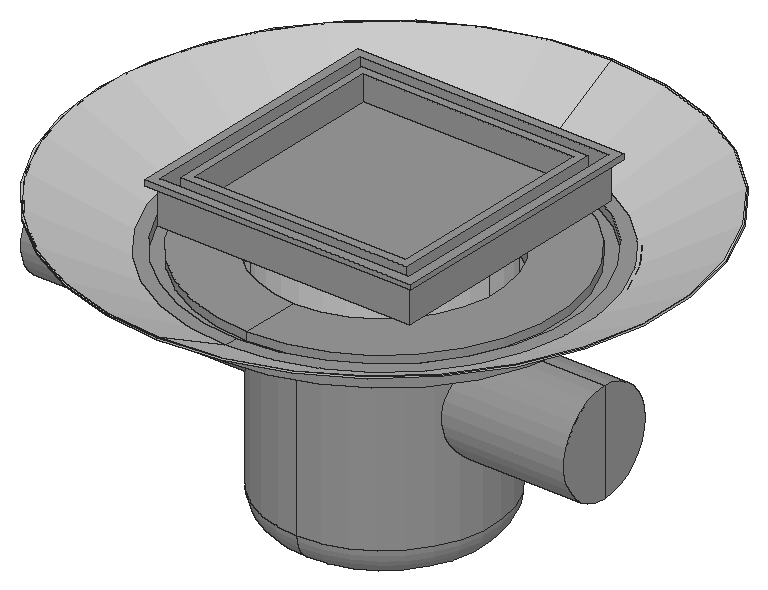
Revit family "HL_RU_Floor drain_HL300-3020-A-160411", category Instalační zařizovací předměty, Revit 2021
Family settings
  Kóta kulaté spojky = Použít průměr
  Typ dílu = Normální
  Číslo OmniClass = 23.70.50.21.24.14
  Nadpis OmniClass = Deck Waste Water Drains
  Založené na pracovní rovině = Ne
  Vždy vertikální = Ano
  Ořezat dutým tvarem při načtení = Ne
  Sdílené = Ano
  Bod výpočtu místnosti = Ano
Parameters (values of type "HL300-3020")
  РЕШЁТКА = "10 - 80 mm / 132 x 132 mm / PP-V4A"
  РАЗМЕР = "DN50"
  ПРОПУСКНАЯ СПОСОБНОСТЬ = 0.5 L/s
  ПРОИЗВОДИТЕЛЬНОСТЬ = "0,5 l/sec"
  ПРИЁМНОЕ ОТВЕРСТИЕ = "DN40/50"
  ПРАВОВАЯ ИНФОРМАЦИЯ = "Авторские права(©), права на дизайн или какие либо другие права интелектуальной собственности являются исключительной собственностью компании HL Hutterer & Lechner. Изменению не подлежит. Файл семейства с данными о прозводителе изделия защищен паролем с водяным знаком."  # constant formula
  НОРМЫ = ""
  НОМИНАЛЬНЫЙ ДИАМЕТР ПРИТОКА [instance] = 40 mm
  НОМИНАЛЬНЫЙ ДИАМЕТР = 50 mm
  НАСАДКА = "112 x 112 mm / ABS-V4A"
  МАТЕРИАЛ = "PE"
  МАКСИМАЛЬНАЯ НАГРУЗКА КЛАССА = "K3 - 300 kg"
  ВЫСОТА МОНТАЖА = "155 mm"
  ВЕС = "0,85 [kg]"
  Výchozí výška = 0 mm
  Přípoj ventilace = no
  Výrobce = "HL Hutterer & Lechner GmbH"  # constant formula
  URL = "http://www.hutterer-lechner.com/ru/products/catalog/floor-drains/attachments/HL300-3020.aspx"
  Přípoj odpadních dílů = yes
  Přípoj HW = no
  Popis = "Трапы для внутренних помещений"
  Model = "HL300-3020"
  Komentáře k typům = "HL300-3020 Трап для внутренний помещений с гидрозатвором и обратным клапаном, горизонтальный DN50, с дополнительным входом DN40/50, с надставным элементом для вклеивания керамической плитки 132х132/112х112 мм"
  Keynote = "HL300-3020"
  Высота монтажа [instance] = 155 mm
  IN_Test [instance] = if(НОМИНАЛЬНЫЙ ДИАМЕТР ПРИТОКА = 40 mm, 30 mm, if(НОМИНАЛЬНЫЙ ДИАМЕТР ПРИТОКА = 50 mm, 30 mm, 0 mm))  # 30 mm
  Přípoj CW = no
  EAN = "9003076034345"
  C [instance] = if(НОМИНАЛЬНЫЙ ДИАМЕТР ПРИТОКА = 40 mm, 164 mm, 114 mm)  # 164 mm
  B [instance] = Высота монтажа - 71 mm  # 84 mm
  A [instance] = if(B - 100 mm > 15 mm, B - 100 mm, 15 mm)  # 15 mm
Reference planes
  plane 1 "Center (Front/Back)": y = 0
  plane 2: z = 0
  plane 3 "Center (Left/Right)": x = 0
  plane 4 "Ball Joint Vertical": x = 25.45
  plane 5: z = -155
  plane 6: z = -84
Lines and regions (mm)
  model lines, style "InvisibleLines"
    curve 1: line (0, 0, 0) -> (0, 0, 1000)
  reference lines
    curve 2: line (0, 0, -84) -> (109, 0, -84)
    curve 6: line (0, 0, -84) -> (-164, 0, -84)
  model lines, detail levels coarse+medium
    curve 3: line (0, 0, -84) -> (0, 0, -69)
    curve 4: line (0, 0, -69) -> (69, 0, 0)
    curve 5: line (0, 0, -69) -> (-69, 0, 0)
    curve 8: line (-164, 0, -84) -> (109, 0, -84)
  symbolic lines, style "InvisibleLines", not visible
    curve 7: line (0, 0, 0) -> (0, 0, -30)
  symbolic lines, detail levels coarse+medium
    curve 9: line (75, 75, 0) -> (-75, 75, 0)
    curve 10: line (75, -75, 0) -> (75, 75, 0)
    curve 11: line (-75, -75, 0) -> (75, -75, 0)
    curve 12: line (-75, 75, 0) -> (-75, -75, 0)
    curve 13: line (75, 75, 0) -> (145.711, 145.711, 0)
    curve 14: line (-75, 75, 0) -> (-145.711, 145.711, 0)
    curve 15: line (75, -75, 0) -> (145.711, -145.711, 0)
    curve 16: line (-75, -75, 0) -> (-145.711, -145.711, 0)
  symbolic lines, not visible, detail levels coarse+medium
    curve 17: line (238.727, 373.786, 0) -> (88.727, 373.786, 0)
    curve 18: line (238.727, 223.786, 0) -> (238.727, 373.786, 0)
    curve 19: line (88.727, 223.786, 0) -> (238.727, 223.786, 0)
    curve 20: line (88.727, 373.786, 0) -> (88.727, 223.786, 0)
    curve 21: line (238.727, 373.786, 0) -> (309.437, 444.496, 0)
    curve 22: line (88.727, 373.786, 0) -> (18.016, 444.496, 0)
    curve 23: line (238.727, 223.786, 0) -> (309.437, 153.075, 0)
    curve 24: line (88.727, 223.786, 0) -> (18.016, 153.075, 0)
Text (mm)
  text "ПОЛ" at (-198.233, 0, -26.556), in view "Drain Construction View"
Dimensions and locks
  locked: plane 4 "Ball Joint Vertical" to plane 3 "Center (Left/Right)" at 25.45
  "Высота монтажа": plane 2 to plane 5
  "A": curve 5 to plane 6
  "B": curve 5 to plane 6
  "B": curve 4 to plane 6
  "B": plane 2 to plane 6
  "IN_Test": curve 7 to curve 7
  "C": curve 6 to curve 6
  locked: curve 8 to curve 6
  locked: curve 8 to curve 2
  locked: nested 2 to plane 5 at 141.029
  locked: curve 4 to plane 3 "Center (Left/Right)" (angle 45.00°)
  locked: plane 3 "Center (Left/Right)" to curve 5 (angle 45.00°)
  aligned and locked: level to plane 2
  aligned and locked: plane 2 to curve 1
  aligned and locked: plane 3 "Center (Left/Right)" to curve 1
  aligned and locked: plane 3 "Center (Left/Right)" to curve 2
  aligned and locked: plane 3 "Center (Left/Right)" to curve 3
  aligned and locked: plane 3 "Center (Left/Right)" to curve 5
  aligned and locked: plane 2 to nested 1
Automatic sketch dimensions
  curve 1 to curve 1 = 1000 mm
  curve 2 to plane 6 = 0 mm
  plane 4 "Ball Joint Vertical" to curve 2 = 83.55 mm
Nested families
  nested 1: "HL_Насадка_HL3020" at (0, 0, 0), type "HL3020_Main Component"
    with Высота монтажа 30 mm, RN 2, RL 13 mm, R no, NL_Test yes, NL 50 mm
  nested 2: "HL_Корпус для трапа внутренних помещений_HL300K-3020" at (0, 0, -13.971) x (-1, 0, 0) z (0, 0, 1), НОМИНАЛЬНЫЙ ДИАМЕТР ПРИТОКА <- "НОМИНАЛЬНЫЙ ДИАМЕТР ПРИТОКА", type "HL300K-3020_Main Component"
    with НОМИНАЛЬНЫЙ ДИАМЕТР ПРИТОКА 40 mm, A 0 mm
  nested 3: "HL_Вкладыш сифона_HL0300.6E" at (0, 0, -47.306), type "HL0300.6E_Main Component"
Connectors
  piping at (109, 0, -84), diameter 50, driven by "ПРОПУСКНАЯ СПОСОБНОСТЬ", driven by "НОМИНАЛЬНЫЙ ДИАМЕТР"
    settings: on curve 2, index 1, connector inside diameter 609.6 mm, connector length 0 mm, flow factor 0, pipe flow 0.5 L/s, pressure drop 0.0 Pa, fitting loss kfactor 0, connector angle 0.00°, fixture units 0, engagement length 0 mm, angle of deflection 0.00°, flow configuration 1, flow direction 2, fitting loss method 0, system type 16, joint type 0, gender type 0, connector reference index -1, connector utility 0, adjustable connector yes, is connector primary yes, connector description ""
  piping at (-164, 0, -84), diameter 40, driven by "ПРОПУСКНАЯ СПОСОБНОСТЬ", driven by "НОМИНАЛЬНЫЙ ДИАМЕТР ПРИТОКА"
    settings: on curve 6, index 2, connector inside diameter 609.6 mm, connector length 0 mm, flow factor 1, pipe flow 0.5 L/s, pressure drop 0.0 Pa, fitting loss kfactor 0, connector angle 0.00°, fixture units 0, engagement length 0 mm, angle of deflection 0.00°, flow configuration 2, flow direction 1, fitting loss method 0, system type 16, joint type 0, gender type 0, connector reference index -1, connector utility 0, adjustable connector yes, is connector primary no, connector description ""
Definition of nested family "HL_Насадка_HL3020"
  Parameters
    РЕШЁТКА = "112 x 112 mm / ABS-V4A"
    РАЗМЕР = "d 110 mm"
    ПРАВОВАЯ ИНФОРМАЦИЯ = "Авторские права(©), права на дизайн или какие либо другие права интелектуальной собственности являются исключительной собственностью компании HL Hutterer & Lechner. Изменению не подлежит. Файл семейства с данными о прозводителе изделия защищен паролем с водяным знаком."  # constant formula
    НАСАДКА = "132 x 132 mm / PP-V4A"
    МАКСИМАЛЬНАЯ НАГРУЗКА КЛАССА = "K3 - 300 kg"
    Высота монтажа [instance] = 100 mm
    ВЫСОТА МОНТАЖА = "30 - 100 mm (10-80 mm)"
    ВЕС = "0,32 [kg]"
    Waste Connection = yes
    Default Elevation = 0 mm
    Vent Connection = no
    RD = 6.5 mm  # constant formula
    R [instance] = ((Высота монтажа - NL_Min) / RD - 1) > 2  # yes
    RL [instance] = RD * RN  # 84.5 mm
    NL_Test [instance] = and(or(Высота монтажа < NL_Max, Высота монтажа = NL_Max), or(Высота монтажа > NL_Min, Высота монтажа = NL_Min))  # yes
    NL_Min = 30 mm
    NL_Max = 100 mm
    NL [instance] = if(NL_Test, Высота монтажа + 20 mm, 0 mm)  # 120 mm
    RN [instance] = if((Высота монтажа + 20 mm - NL_Min) / RD - 1 < 2, 2, (Высота монтажа + 20 mm - NL_Min) / RD - 1)  # 13
    Manufacturer = "HL Hutterer & Lechner GmbH"  # constant formula
    URL = "http://www.hutterer-lechner.com/ru/products/catalog/floor-drains/attachments/HL3020.aspx"
    HW Connection = no
    Description = "Трапы для внутренних помещений - Комплектующие"
    Model = "HL3020"
    Type Comments = "HL3020 Надставной элемент ?110 мм с подрамником из нержавеющей стали 132х132 мм и вкладышем 112х112 мм для вклеивания керамической плитки"
    Keynote = "HL3020"
    EAN = "9003076034253"
    CW Connection = no
  Reference planes
    plane 1 "Center (Front/Back)": y = 0
    plane 2: z = 0
    plane 3 "Center (Left/Right)": x = 0
    plane 4 "Ball Joint Vertical": x = 25.45
    plane 5: z = -120
  Forms (mm)
    Sweep 1, solid, detail levels fine
      path origin (0, 0, 0) x (1, 0, 0) y (0, 1, 0)
        loop
          line (-66, 66) -> (-66, -66) -> (66, -66) -> (66, 66) -> (-66, 66)
      profile origin (0, 66, 0) x (0, 1, 0) y (0, 0, 1)
        loop
          line (0, 0) -> (-4.35, 0) -> (-4.35, -20.7) -> (-3.55, -20.7) -> (-3.55, -2.5) -> (0, -2.5) -> (0, 0)
        loop
          line (-10, 0) -> (-14, 0) -> (-14, -14) -> (-10, -14) -> (-10, 0)
    Extrusion 2, solid, detail levels fine
      sketch origin (0, 0, 0) x (1, 0, 0) y (0, 1, 0)
        loop
          line (-56, 56) -> (-56, -56) -> (56, -56) -> (56, 56) -> (-56, 56)
      from -12 to -14
    Extrusion 3, solid, detail levels fine
      sketch origin (0, 0, 0) x (1, 0, 0) y (0, 1, 0)
        loop
          line (-61.75, 61.75) -> (-61.75, -61.75) -> (61.75, -61.75) -> (61.75, 61.75) -> (-61.75, 61.75)
      from -20.7 to -19.079
    Revolve 4, solid, detail levels fine
      sketch origin (0, 0, 0) x (1, 0, 0) y (0, 0, 1)
        loop
          line (52, -120) -> (52, -20.7) -> (50.2, -20.7) -> (50.2, -120) -> (52, -120)
        axis (0, -20.7) -> (0, -120)
      angle from 0 to 360
  Lines and regions (mm)
    symbolic lines
      curve 1: line (0, 0, -120) -> (0, 0, 0)
    model lines
      curve 2: line (0, 0, 0) -> (0, 0, 100)
  Text (mm)
    text "ROOF/FLOOR" at (-198.233, 0, -26.556), in view "Drain Construction View"
  Dimensions and locks
    locked: plane 4 "Ball Joint Vertical" to plane 3 "Center (Left/Right)" at 25.45
    "NL": plane 2 to plane 5
    equal spacing: group 1, group 3, group 4, group 5, group 6, group 7, group 8, group 9, group 10, group 11, group 12, group 13, group 2  (x3)
    "RL": nested 2 to nested 1
    locked: nested 1 to plane 5 at 1.516
    aligned and locked: level to plane 2
    aligned and locked: plane 3 "Center (Left/Right)" to nested 1
    aligned and locked: plane 1 "Center (Front/Back)" to nested 1
    aligned and locked: plane 2 to curve 1
    aligned and locked: plane 5 to curve 1
    aligned and locked: Sweep 1 to Revolve 4 sketch curve
    aligned and locked: plane 5 to Revolve 4 sketch curve
  Automatic sketch dimensions
    Sweep 1 sketch curve to plane 3 "Center (Left/Right)" = 66 mm
    plane 4 "Ball Joint Vertical" to Sweep 1 sketch curve = 40.55 mm
    plane 1 "Center (Front/Back)" to Sweep 1 sketch curve = 66 mm
    Sweep 1 sketch curve to plane 1 "Center (Front/Back)" = 66 mm
    Sweep 1 sketch curve to profile plane = 0 mm  (x3)
    profile plane to Sweep 1 sketch curve = 3.55 mm
    Sweep 1 sketch curve to Sweep 1 sketch curve = 0.8 mm
    Sweep 1 sketch curve to Sweep 1 sketch curve = 5.65 mm
    Sweep 1 sketch curve to Sweep 1 sketch curve = 4 mm
    Sweep 1 sketch curve to profile plane = 2.5 mm
    Sweep 1 sketch curve to Sweep 1 sketch curve = 11.5 mm
    Sweep 1 sketch curve to Sweep 1 sketch curve = 6.7 mm
    Extrusion 2 sketch curve to plane 3 "Center (Left/Right)" = 56 mm
    plane 4 "Ball Joint Vertical" to Extrusion 2 sketch curve = 30.55 mm
    plane 1 "Center (Front/Back)" to Extrusion 2 sketch curve = 56 mm
    Extrusion 2 sketch curve to plane 1 "Center (Front/Back)" = 56 mm
    Extrusion 3 sketch curve to plane 3 "Center (Left/Right)" = 61.75 mm
    plane 4 "Ball Joint Vertical" to Extrusion 3 sketch curve = 36.3 mm
    plane 1 "Center (Front/Back)" to Extrusion 3 sketch curve = 61.75 mm
    Extrusion 3 sketch curve to plane 1 "Center (Front/Back)" = 61.75 mm
    Revolve 4 sketch curve to plane 3 "Center (Left/Right)" = 0 mm
    plane 4 "Ball Joint Vertical" to Revolve 4 sketch curve = 24.75 mm
    Revolve 4 sketch curve to Revolve 4 sketch curve = 1.8 mm
    Revolve 4 sketch curve to level = 22.222 mm
    level to Revolve 4 sketch curve = 10 mm
    curve 2 to plane 3 "Center (Left/Right)" = 0 mm
    level to curve 2 = 100 mm
  Nested families
    nested 1: "Ring" at (0, 0, -118.484), visible <- "R", type "Ring"
      with R 52 mm, D 104 mm
    nested 2: "Ring" at (0, 0, -33.984), visible <- "R", type "Ring"
      with R 52 mm, D 104 mm
    nested 3: "Ring" at (0, 0, -111.442), visible <- "R", type "Ring"
      with R 52 mm, D 104 mm
    nested 4: "Ring" at (0, 0, -104.401), visible <- "R", type "Ring"
      with R 52 mm, D 104 mm
    nested 5: "Ring" at (0, 0, -97.359), visible <- "R", type "Ring"
      with R 52 mm, D 104 mm
    nested 6: "Ring" at (0, 0, -90.317), visible <- "R", type "Ring"
      with R 52 mm, D 104 mm
    nested 7: "Ring" at (0, 0, -83.276), visible <- "R", type "Ring"
      with R 52 mm, D 104 mm
    nested 8: "Ring" at (0, 0, -76.234), visible <- "R", type "Ring"
      with R 52 mm, D 104 mm
    nested 9: "Ring" at (0, 0, -69.192), visible <- "R", type "Ring"
      with R 52 mm, D 104 mm
    nested 10: "Ring" at (0, 0, -62.151), visible <- "R", type "Ring"
      with R 52 mm, D 104 mm
    nested 11: "Ring" at (0, 0, -55.109), visible <- "R", type "Ring"
      with R 52 mm, D 104 mm
    nested 12: "Ring" at (0, 0, -48.067), visible <- "R", type "Ring"
      with R 52 mm, D 104 mm
    nested 13: "Ring" at (0, 0, -41.026), visible <- "R", type "Ring"
      with R 52 mm, D 104 mm
  Definition of nested family "Ring"
    Parameters (values of type "Ring")
      Manufacturer = ""
      Default Elevation = 0 mm
      URL = ""
      R = D / 2  # 51.5 mm
      Description = ""
      Model = ""
      Material = none
      Type Comments = ""
      D = 103 mm
      Cost = 0
    Reference planes
      plane 1 "Střed (vpředu/vzadu)": y = 0
      plane 2: z = 0
      plane 3 "Střed (vlevo/vpravo)": x = 0
    Forms (mm)
      Revolve 1, solid, material <- "Material", detail levels fine
        sketch origin (0, 0, 0) x (1, 0, 0) y (0, 0, 1)
          loop
            line (-51.5, 1.482) -> (-54.764, 0) -> (-51.5, -1.516) -> (-51.5, 1.482)
          axis (0, 1.482) -> (0, -1.516)
        angle from 0 to 360
    Dimensions and locks
      "R": Revolve 1 sketch curve to plane 3 "Střed (vlevo/vpravo)"
      aligned and locked: level to plane 2
      aligned and locked: Revolve 1 sketch curve to plane 3 "Střed (vlevo/vpravo)"
    Automatic sketch dimensions
      Revolve 1 sketch curve to level = 0 mm
      Revolve 1 sketch curve to Revolve 1 sketch curve = 3.264 mm
      Revolve 1 sketch curve to level = 1.516 mm
      level to Revolve 1 sketch curve = 1.482 mm
      Revolve 1 sketch curve to level = 381 mm
      Revolve 1 sketch curve to Revolve 1 sketch curve = 2212.833 mm
Definition of nested family "HL_Корпус для трапа внутренних помещений_HL300K-3020"
  Parameters (values of type "HL300K-3020")
    РАЗМЕР = "DN50"
    ПРИЁМНОЕ ОТВЕРСТИЕ = "DN40/50"
    ПРАВОВАЯ ИНФОРМАЦИЯ = "Авторские права(©), права на дизайн или какие либо другие права интелектуальной собственности являются исключительной собственностью компании HL Hutterer & Lechner. Изменению не подлежит. Файл семейства с данными о прозводителе изделия защищен паролем с водяным знаком."  # constant formula
    НОМИНАЛЬНЫЙ ДИАМЕТР ПРИТОКА [instance] = 40 mm
    МАТЕРИАЛ = "PE"
    ВЫСОТА МОНТАЖА = "145 mm"
    ВЕС = "0,47 [kg]"
    Waste Connection = yes
    Default Elevation = 0 mm
    Vent Connection = no
    Manufacturer = "HL Hutterer & Lechner GmbH"  # constant formula
    URL = "http://www.hutterer-lechner.com/ru/Products/catalog/floor-drains/attachments/HL300K-3020.aspx"
    HW Connection = no
    Description = "Трапы для внутренних помещений - Комплектующие"
    Model = "HL300K-3020"
    Type Comments = "HL300K-3020 Корпус трапа с гидрозатвором и обратным клапаном, с горизонтальным выпуском DN50, с дополнительным входом DN40/50, для серии 3020."
    Keynote = "HL300K-3020"
    EAN = "9003076034338"
    CW Connection = no
    A [instance] = if(НОМИНАЛЬНЫЙ ДИАМЕТР ПРИТОКА = 40 mm, 0 mm, if(НОМИНАЛЬНЫЙ ДИАМЕТР ПРИТОКА = 50 mm, 50 mm, -10 mm))  # 0 mm
  Reference planes
    plane 1 "Center (Front/Back)": y = 0
    plane 2: z = 0
    plane 3 "Center (Left/Right)": x = 0
    plane 4 "Ball Joint Vertical": x = 25.45
  Forms (mm)
    Revolve 1, solid, detail levels fine
      sketch origin (0, 0, 0) x (0, 1, 0) y (0, 0, 1)
        loop
          line (100, -28) -> (100, -22) -> (91.514, -22) -> (91.514, -26) -> (85.014, -26) -> (85.014, -22) -> (56.014, -22) -> (56.014, -36.411) -> (42.014, -36.411) -> (42.014, -32.836) -> (40.014, -32.836) -> (40.014, -44.336) -> (35.514, -44.336) -> (35.514, -46.336) -> (43.014, -46.336) -> (43.014, -38.776) -> (51, -38.776) -> (51, -44.336) -> (51, -125.988)
          arc (51, -125.988) -> (47.485, -134.473) -> (39, -137.988) r 12
          line (39, -137.988) -> (0, -137.988) -> (0, -140.988) -> (39, -140.988)
          arc (39, -140.988) -> (49.607, -136.595) -> (54, -125.988) r 15
          line (54, -125.988) -> (54, -47.988) -> (63.5, -47.988) -> (63.5, -28) -> (100, -28)
        axis (0, -22) -> (0, -140.988)
      angle from 0 to 360
    Revolve 2, void
      sketch origin (0, 0, 0) x (0, 1, 0) y (0, 0, 1)
        loop
          line (141, 0.439) -> (141, -0.938) -> (142.5, -0.938) -> (142.5, 0.439) -> (141, 0.439)
        axis (0, 0.439) -> (0, -0.938)
      angle from 0 to 360
    Revolve 3, solid, detail levels fine
      sketch origin (0, 0, 0) x (1, 0, 0) y (0, 0, 1)
        loop
          line (164, -49.988) -> (119, -49.988) -> (114, -44.988) -> (-109, -44.988) -> (-109, -69.988) -> (164, -69.988) -> (164, -49.988)
        axis (-109, -69.988) -> (164, -69.988)
      angle from 0 to 360
    Extrusion 4, void
      sketch origin (0, 0, 0) x (0, 1, 0) y (0, 0, 1)
        loop
          circle (0, -69.988) r 22
      from -45.446 to -54.704
    Extrusion 5, void
      sketch origin (0, 0, 0) x (1, 0, 0) y (0, 1, 0)
        loop
          circle (0, 0) r 51
      from -44.336 to -95.4
    Extrusion 6, void
      sketch origin (0, 0, 0) x (0, 1, 0) y (0, 0, 1)
        loop
          circle (0, -69.988) r 22
      from 41.774 to 70.911
    Revolve 7, solid, detail levels fine
      sketch origin (0, 0, 0) x (0, 1, 0) y (0, 0, 1)
        loop
          line (142.408, 0) -> (140.394, 0) -> (97.986, -22) -> (100, -22) -> (142.408, 0)
        axis (0, 0) -> (0, -22)
      angle from 0 to 360
    Extrusion 8, void
      sketch origin (164, 0, -69.988) x (0, -1, 0) y (0, 0, 1)
        loop
          line (-40.014, 37.152) -> (-40.014, -37.848) -> (39.986, -37.848) -> (39.986, 37.152) -> (-40.014, 37.152)
      from -10 to 0 <- "A"
  Cuts and joins
    Revolve 2, Extrusion 4, Extrusion 6 cuts Revolve 1
    Extrusion 4, Extrusion 5, Extrusion 6, Extrusion 8 cuts Revolve 3
    joined: Revolve 1, Revolve 3
    Revolve 2 cuts Revolve 7
  Text (mm)
    text "ROOF/FLOOR" at (-198.233, 0, -26.556), in view "Drain Construction View"
  Dimensions and locks
    locked: plane 4 "Ball Joint Vertical" to plane 3 "Center (Left/Right)" at 25.45
    aligned and locked: level to plane 2
Definition of nested family "HL_Вкладыш сифона_HL0300.6E"
  Parameters (values of type "HL0300.6E")
    ПРАВОВАЯ ИНФОРМАЦИЯ = "Авторские права(©), права на дизайн или какие либо другие права интелектуальной собственности являются исключительной собственностью компании HL Hutterer & Lechner. Изменению не подлежит. Файл семейства с данными о прозводителе изделия защищен паролем с водяным знаком."  # constant formula
    ВЕС = "0,06 [kg]"
    Waste Connection = no
    Default Elevation = 0 mm
    Vent Connection = no
    Manufacturer = "HL Hutterer & Lechner GmbH"  # constant formula
    URL = "http://www.hutterer-lechner.com/ru/products/catalog/floor-drains/attachments/HL0300.6e.aspx"
    HW Connection = no
    Description = "Трапы для внутренних помещений - Комплектующие"
    Model = "HL0300.6E"
    Type Comments = "HL0300.6E Вкладыш запахозапирающий комплектный"
    Keynote = "HL0300.6E"
    EAN = "9003076001224"
    CW Connection = no
  Reference planes
    plane 1 "Center (Front/Back)": y = 0
    plane 2: z = 0
    plane 3 "Center (Left/Right)": x = 0
    plane 4 "Ball Joint Vertical": x = 25.45
  Forms (mm)
    Revolve 1, solid, detail levels fine
      sketch origin (0, 0, 0) x (0, 1, 0) y (0, 0, 1)
        loop
          line (34.779, -11) -> (32.485, -11) -> (32.485, -90) -> (34.779, -90) -> (34.779, -11)
        axis (0, -11) -> (0, -90)
      angle from 0 to 360
    Revolve 2, solid, detail levels fine
      sketch origin (0, 0, 0) x (0, 1, 0) y (0, 0, 1)
        loop
          line (38.4, 0) -> (22.7, -0.841) -> (22.7, -3.345) -> (34, -2.729) -> (34, -7) -> (32.485, -7) -> (32.485, -11) -> (38.4, -11) -> (38.4, 0)
        axis (0, 0) -> (0, -11)
      angle from 0 to 360
    Revolve 3, solid, detail levels fine
      sketch origin (0, 0, 0) x (0, 1, 0) y (0, 0, 1)
        loop
          line (22.9, -67) -> (24.48, -67) -> (24.48, -45.01)
          arc (24.48, -45.01) -> (17.215, -28.215) -> (0, -22.01) r 23.045
          line (0, -22.01) -> (0, -23.606)
          arc (0, -23.606) -> (16.161, -29.985) -> (22.9, -46) r 22.4
          line (22.9, -46) -> (22.9, -67)
        axis (0, -22.01) -> (0, -67)
      angle from 0 to 360
    Extrusion 4, solid, detail levels fine
      sketch origin (0, 0, 0) x (1, 0, 0) y (0, 1, 0)
        loop
          line (29.77, 13) -> (-29.77, 13)
          arc (-29.77, 13) -> (-32.485, 0) -> (-29.77, -13) r 32.485
          line (-29.77, -13) -> (29.77, -13)
          arc (29.77, -13) -> (32.485, 0) -> (29.77, 13) r 32.485
      from -86 to -90
    Extrusion 5, solid, detail levels fine
      sketch origin (0, 0, 0) x (1, 0, 0) y (0, 1, 0)
        loop
          line (-29, 11) -> (29, 11) -> (29, 13) -> (-29, 13) -> (-29, 11)
        loop
          line (-29, -11) -> (-29, -13) -> (29, -13) -> (29, -11) -> (-29, -11)
      from -90 to -94
  Cuts and joins
    joined: Revolve 1, Extrusion 4, Extrusion 5
  Text (mm)
    text "ROOF/FLOOR" at (-198.233, 0, -26.556), in view "Drain Construction View"
  Dimensions and locks
    locked: plane 4 "Ball Joint Vertical" to plane 3 "Center (Left/Right)" at 25.45
    aligned and locked: level to plane 2
